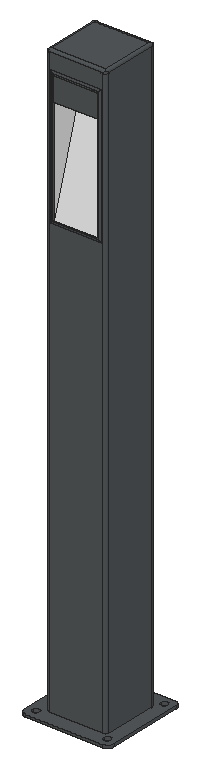
Revit family "svetilnik_alfresco_ar deko_dtu19", category Lighting Fixtures, Revit 2016 (continued)
Definition of nested family "Источник света Ар_Деко"
  Types (5, lengths in mm): name | Photometric Web File | built-in parameter 1150142
             0.2       0.2       0.2\r\n       0.2       0.2       0.2       0.2       0.2       0.2       0.2       0.3\r\n       0.2       0.2       0.2       0.2       0.2       0.2       0.2       0.2\r\n       0.2       0.2       0.2       0.2       0.2       0.2       0.2       0.2\r\n       0.2       0.2       0.2       0.2       0.2       0.2       0.2       0.2\r\n       0.2       0.2       0.2       0.2       0.2       0.2       0.2       0.2\r\n       0.2       0.2       0.2       0.2       0.2       0.2       0.2       0.2\r\n       0.2       0.2       0.2       0.2       0.2       0.2       0.2       0.2\r\n       0.2       0.2       0.2       0.2       0.2       0.2       0.2       0.2\r\n       0.2       0.2       0.2       0.2       0.2       0.2       0.2       0.2\r\n       0.2       0.2       0.2       0.2       0.2       0.2       0.2       0.2\r\n       0.2       0.2       0.2       0.2       0.2       0.2       0.2       0.2\r\n       0.2       0.2       0.2       0.2       0.2       0.2       0.2       0.2\r\n       0.2       0.2       0.2       0.2       0.2       0.2       0.2       0.2\r\n       0.2       0.2       0.2       0.2       0.2       0.2       0.2       0.2\r\n       0.2       0.2       0.2       0.2       0.2       0.2       0.2       0.2\r\n       0.2       0.2       0.2       0.2       0.2       0.2       0.2       0.2\r\n       0.2       0.2       0.2       0.2       0.2       0.2       0.2       0.2\r\n       0.2       0.2       0.2       0.2       0.2       0.2       0.2       0.2\r\n       0.2       0.2       0.1       0.1       0.1       0.1       0.1       0.1\r\n       0.0       0.0       0.0       0.0       0.0\r\n       0.0       0.0       0.0       0.0       0.0       0.0       0.0       0.1\r\n       0.2       0.2       0.2       0.2       0.2       0.2       0.2       0.2\r\n       0.2       0.2       0.2       0.2       0.2       0.2       0.2       0.2\r\n       0.2       0.2       0.2       0.2       0.2       0.2       0.2       0.2\r\n       0.2       0.2       0.2       0.2       0.2       0.2       0.2       0.2\r\n       0.2       0.2       0.2       0.2       0.2       0.2       0.2       0.2\r\n       0.2       0.2       0.2       0.2       0.2       0.2       0.2       0.2\r\n       0.2       0.2       0.2       0.2       0.2       0.2       0.2       0.2\r\n       0.2       0.2       0.2       0.2       0.2       0.2       0.2       0.2\r\n       0.2       0.2       0.2       0.2       0.2       0.2       0.2       0.2\r\n       0.2       0.2       0.2       0.2       0.2       0.2       0.2       0.2\r\n       0.2       0.2       0.2       0.2       0.2       0.2       0.2       0.2\r\n       0.2       0.2       0.2       0.2       0.2       0.2       0.2       0.2\r\n       0.2       0.2       0.2       0.2       0.2       0.2       0.2       0.2\r\n       0.2       0.2       0.2       0.2       0.2       0.2       0.2       0.2\r\n       0.2       0.2       0.2       0.2       0.2       0.2       0.2       0.2\r\n       0.2       0.2       0.2       0.2       0.2       0.2       0.2       0.2\r\n       0.2       0.2       0.2       0.2       0.2       0.2       0.2       0.2\r\n       0.2       0.2       0.2       0.2       0.2       0.2       0.2       0.2\r\n       0.2       0.2       0.2       0.2       0.2       0.2       0.2       0.2\r\n       0.2       0.2       0.2       0.2       0.2       0.2       0.2       0.2\r\n       0.2       0.2       0.1       0.1       0.1       0.1       0.1       0.0\r\n       0.0       0.0       0.0       0.0       0.0\r\n       0.0       0.0       0.0       0.0       0.0       0.0       0.0       0.0\r\n       0.1       0.2       0.2       0.2       0.2       0.2       0.2       0.2\r\n       0.2       0.2       0.2       0.2       0.2       0.2       0.2       0.2\r\n       0.2       0.2       0.2       0.2       0.2       0.2       0.2       0.2\r\n       0.2       0.2       0.2       0.2       0.2       0.2       0.2       0.2\r\n       0.2       0.2       0.2       0.2       0.2       0.2       0.2       0.2\r\n       0.2       0.2       0.2       0.2       0.2       0.2       0.2       0.2\r\n       0.2       0.2       0.2       0.2       0.2       0.2       0.2       0.2\r\n       0.2       0.2       0.2       0.2       0.2       0.2       0.2       0.2\r\n       0.2       0.2       0.2       0.2       0.2       0.2       0.2       0.2\r\n       0.2       0.2       0.2       0.2       0.2       0.2       0.2       0.2\r\n       0.2       0.2       0.2       0.2       0.2       0.2       0.2       0.2\r\n       0.2       0.2       0.2       0.2       0.2       0.2       0.2       0.2\r\n       0.2       0.2       0.2       0.2       0.2       0.2       0.2       0.2\r\n       0.2       0.2       0.2       0.2       0.2       0.2       0.2       0.2\r\n       0.2       0.2       0.2       0.2       0.2       0.2       0.2       0.2\r\n       0.2       0.2       0.2       0.2       0.2       0.2       0.2       0.2\r\n       0.2       0.2       0.2       0.2       0.2       0.2       0.2       0.2\r\n       0.2       0.2       0.2       0.2       0.2       0.2       0.2       0.2\r\n       0.2       0.2       0.2       0.2       0.2       0.2       0.2       0.2\r\n       0.2       0.2       0.2       0.2       0.2       0.2       0.2       0.2\r\n       0.2       0.2       0.1       0.1       0.1       0.1       0.0       0.0\r\n       0.0       0.0       0.0       0.0       0.0\r\n       0.0       0.0       0.0       0.0       0.0       0.0       0.0       0.0\r\n       0.1       0.1       0.1       0.2       0.2       0.2       0.2       0.2\r\n       0.2       0.2       0.2       0.2       0.2       0.2       0.2       0.2\r\n       0.2       0.2       0.2       0.2       0.2       0.2       0.2       0.2\r\n       0.2       0.2       0.2       0.2       0.2       0.2       0.2       0.2\r\n       0.2       0.2       0.2       0.2       0.2       0.2       0.2       0.2\r\n       0.2       0.2       0.2       0.2       0.2       0.2       0.2       0.2\r\n       0.2       0.2       0.2       0.2       0.2       0.2       0.2       0.2\r\n       0.2       0.2       0.2       0.2       0.2       0.2       0.2       0.2\r\n       0.2       0.2       0.2       0.2       0.2       0.2       0.2       0.2\r\n       0.2       0.2       0.2       0.2       0.2       0.2       0.2       0.2\r\n       0.2       0.2       0.2       0.2       0.2       0.2       0.2       0.2\r\n       0.2       0.2       0.2       0.2       0.2       0.2       0.2       0.2\r\n       0.2       0.2       0.2       0.2       0.2       0.2       0.2       0.2\r\n       0.2       0.2       0.2       0.2       0.2       0.2       0.2       0.2\r\n       0.2       0.2       0.2       0.2       0.2       0.2       0.2       0.2\r\n       0.2       0.2       0.2       0.2       0.2       0.2       0.2       0.2\r\n       0.2       0.2       0.2       0.2       0.2       0.2       0.2       0.2\r\n       0.2       0.2       0.2       0.2       0.2       0.2       0.2       0.2\r\n       0.2       0.2       0.2       0.2       0.2       0.2       0.2       0.2\r\n       0.2       0.2       0.2       0.2       0.2       0.2       0.2       0.2\r\n       0.2       0.2       0.1       0.1       0.1       0.0       0.0       0.0\r\n       0.0       0.0       0.0       0.0       0.0\r\n       0.0       0.0       0.0       0.0       0.0       0.0       0.0       0.0\r\n       0.1       0.1       0.1       0.1       0.2       0.2       0.2       0.2\r\n       0.2       0.2       0.2       0.2       0.2       0.2       0.2       0.2\r\n       0.2       0.2       0.2       0.2       0.2       0.2       0.2       0.2\r\n       0.2       0.2       0.2       0.2       0.2       0.2       0.2       0.2\r\n       0.2       0.2       0.2       0.2       0.2       0.2       0.2       0.2\r\n       0.2       0.2       0.2       0.2       0.2       0.2       0.2       0.2\r\n       0.2       0.2       0.2       0.2       0.2       0.2       0.2       0.2\r\n       0.2       0.2       0.2       0.2       0.2       0.2       0.2       0.2\r\n       0.2       0.2       0.2       0.2       0.2       0.2       0.2       0.2\r\n       0.2       0.2       0.2       0.2       0.2       0.2       0.2       0.2\r\n       0.2       0.2       0.2       0.2       0.2       0.2       0.2       0.2\r\n       0.2       0.2       0.2       0.2       0.2       0.2       0.2       0.2\r\n       0.2       0.2       0.2       0.2       0.2       0.2       0.2       0.2\r\n       0.2       0.2       0.2       0.2       0.2       0.2       0.2       0.2\r\n       0.2       0.2       0.2       0.2       0.2       0.2       0.2       0.2\r\n       0.2       0.2       0.2       0.2       0.2       0.2       0.2       0.2\r\n       0.2       0.2       0.2       0.2       0.2       0.2       0.2       0.2\r\n       0.2       0.2       0.2       0.2       0.2       0.2       0.2       0.2\r\n       0.2       0.2       0.2       0.2       0.2       0.2       0.2       0.2\r\n       0.2       0.2       0.2       0.2       0.2       0.2       0.2       0.2\r\n       0.2       0.2       0.1       0.1       0.1       0.0       0.0       0.0\r\n       0.0       0.0       0.0       0.0       0.0\r\n       0.0       0.0       0.0       0.0       0.0       0.0       0.0       0.0\r\n       0.1       0.1       0.1       0.1       0.1       0.2       0.2       0.2\r\n       0.2       0.2       0.2       0.2       0.2       0.2       0.2       0.2\r\n       0.2       0.2       0.2       0.2       0.2       0.2       0.2       0.2\r\n       0.2       0.2       0.2       0.2       0.2       0.2       0.2       0.2\r\n       0.2       0.2       0.2       0.2       0.2       0.2       0.2       0.2\r\n       0.2       0.2       0.2       0.2       0.2       0.2       0.2       0.2\r\n       0.2       0.2       0.2       0.2       0.2       0.2       0.2       0.2\r\n       0.2       0.2       0.2       0.2       0.2       0.2       0.2       0.2\r\n       0.2       0.2       0.2       0.2       0.2       0.2       0.2       0.2\r\n       0.2       0.2       0.2       0.2       0.2       0.2       0.2       0.2\r\n       0.2       0.2       0.2       0.2       0.2       0.2       0.2       0.2\r\n       0.2       0.2       0.2       0.2       0.2       0.2       0.2       0.2\r\n       0.2       0.2       0.2       0.2       0.2       0.2       0.2       0.2\r\n       0.2       0.2       0.2       0.2       0.2       0.2       0.2       0.2\r\n       0.2       0.2       0.2       0.2       0.3       0.5       0.2       0.2\r\n       0.2       0.2       0.2       0.2       0.2       0.2       0.2       0.2\r\n       0.2       0.2       0.2       0.2       0.2       0.2       0.2       0.2\r\n       0.2       0.2       0.2       0.2       0.2       0.2       0.2       0.2\r\n       0.2       0.2       0.2       0.2       0.2       0.2       0.2       0.2\r\n       0.2       0.2       0.2       0.2       0.2       0.2       0.2       0.2\r\n       0.2       0.2       0.1       0.1       0.1       0.0       0.0       0.0\r\n       0.0       0.0       0.0       0.0       0.0\r\n       0.0       0.0       0.0       0.0       0.0       0.0       0.0       0.0\r\n       0.1       0.1       0.1       0.1       0.1       0.1       0.2       0.2\r\n       0.1       0.2       0.2       0.1       0.1       0.1       0.2       0.2\r\n       0.2       0.2       0.2       0.2       0.2       0.2       0.2       0.2\r\n       0.2       0.2       0.2       0.2       0.2       0.2       0.2       0.2\r\n       0.2       0.2       0.2       0.2       0.2       0.2       0.2       0.2\r\n       0.2       0.2       0.2       0.2       0.2       0.2       0.2       0.2\r\n       0.2       0.2       0.2       0.2       0.2       0.2       0.2       0.2\r\n       0.2       0.2       0.2       0.2       0.2       0.2       0.2       0.2\r\n       0.2       0.2       0.2       0.2       0.2       0.2       0.2       0.2\r\n       0.2       0.2       0.2       0.2       0.2       0.2       0.2       0.2\r\n       0.2       0.2       0.2       0.2       0.2       0.2       0.2       0.2\r\n       0.2       0.2       0.2       0.2       0.2       0.2       0.2       0.2\r\n       0.2       0.2       0.2       0.2       0.2       0.2       0.2       0.2\r\n       0.2       0.2       0.2       0.2       0.2       0.2       0.2       0.2\r\n       0.2       0.2       0.2       0.2       0.3       0.2       0.2       0.2\r\n       0.2       0.2       0.2       0.2       0.2       0.2       0.2       0.2\r\n       0.2       0.2       0.2       0.2       0.2       0.2       0.2       0.2\r\n       0.2       0.2       0.2       0.2       0.2       0.2       0.2       0.2\r\n       0.2       0.2       0.2       0.2       0.2       0.2       0.2       0.2\r\n       0.2       0.2       0.2       0.2       0.2       0.2       0.2       0.2\r\n       0.2       0.1       0.1       0.1       0.0       0.0       0.0       0.0\r\n       0.0       0.0       0.0       0.0       0.0\r\n       0.0       0.0       0.0       0.0       0.0       0.0       0.0       0.0\r\n       0.1       0.1       0.1       0.1       0.1       0.1       0.1       0.1\r\n       0.1       0.1       0.1       0.2       0.1       0.1       0.2       0.1\r\n       0.2       0.2       0.2       0.2       0.2       0.2       0.2       0.2\r\n       0.2       0.2       0.2       0.2       0.2       0.2       0.2       0.2\r\n       0.2       0.2       0.2       0.2       0.2       0.2       0.2       0.2\r\n       0.2       0.2       0.2       0.2       0.2       0.2       0.2       0.2\r\n       0.2       0.2       0.2       0.2       0.2       0.2       0.2       0.2\r\n       0.2       0.2       0.2       0.2       0.2       0.2       0.2       0.2\r\n       0.2       0.2       0.2       0.2       0.2       0.2       0.2       0.2\r\n       0.2       0.2       0.2       0.2       0.2       0.2       0.2       0.2\r\n       0.2       0.2       0.2       0.2       0.2       0.2       0.2       0.2\r\n       0.2       0.2       0.2       0.2       0.2       0.2       0.2       0.2\r\n       0.2       0.2       0.2       0.2       0.2       0.2       0.2       0.2\r\n       0.2       0.2       0.2       0.2       0.2       0.2       0.2       0.2\r\n       0.2       0.2       0.2       0.2       0.2       0.2       0.2       0.2\r\n       0.2       0.2       0.2       0.2       0.2       0.2       0.2       0.2\r\n       0.2       0.2       0.2       0.2       0.2       0.2       0.2       0.2\r\n       0.2       0.2       0.2       0.2       0.2       0.2       0.2       0.2\r\n       0.2       0.2       0.2       0.2       0.2       0.2       0.2       0.2\r\n       0.2       0.2       0.2       0.2       0.2       0.2       0.1       0.1\r\n       0.1       0.1       0.1       0.1       0.0       0.0       0.0       0.0\r\n       0.0       0.0       0.0       0.0       0.0\r\n       0.0       0.0       0.0       0.0       0.0       0.0       0.0       0.0\r\n       0.1       0.1       0.1       0.1       0.1       0.1       0.1       0.1\r\n       0.1       0.1       0.1       0.1       0.1       0.1       0.2       0.2\r\n       0.1       0.2       0.2       0.2       0.2       0.2       0.2       0.2\r\n       0.2       0.2       0.2       0.2       0.2       0.2       0.2       0.2\r\n       0.2       0.2       0.2       0.2       0.2       0.2       0.2       0.2\r\n       0.2       0.2       0.2       0.2       0.2       0.2       0.2       0.2\r\n       0.2       0.2       0.2       0.2       0.2       0.2       0.2       0.2\r\n       0.2       0.2       0.2       0.2       0.2       0.2       0.2       0.2\r\n       0.2       0.2       0.2       0.2       0.2       0.2       0.2       0.2\r\n       0.2       0.2       0.2       0.2       0.2       0.2       0.2       0.2\r\n       0.2       0.2       0.2       0.2       0.2       0.2       0.2       0.2\r\n       0.2       0.2       0.2       0.2       0.2       0.2       0.2       0.2\r\n       0.2       0.2       0.2       0.2       0.2       0.2       0.2       0.2\r\n       0.2       0.2       0.2       0.2       0.2       0.2       0.2       0.2\r\n       0.2       0.2       0.2       0.2       0.2       0.2       0.2       0.2\r\n       0.2       0.2       0.2       0.2       0.2    
         0.2       0.2       0.2\r\n       0.2       0.2       0.2       0.2       0.2       0.2       0.2       0.2\r\n       0.2       0.2       0.2       0.2       0.2       0.2       0.2       0.2\r\n       0.2       0.2       0.2       0.2       0.2       0.2       0.2       0.2\r\n       0.2       0.2       0.2       0.1       0.1       0.1       0.1       0.1\r\n       0.1       0.1       0.1       0.1       0.0       0.0       0.0       0.0\r\n       0.0       0.0       0.0       0.0       0.0\r\n       0.0       0.0       0.0       0.0       0.0       0.0       0.0       0.0\r\n       0.1       0.1       0.1       0.1       0.1       0.1       0.1       0.1\r\n       0.1       0.1       0.1       0.1       0.1       0.1       0.1       0.1\r\n       0.1       0.2       0.2       0.2       0.2       0.2       0.2       0.2\r\n       0.1       0.2       0.2       0.2       0.2       0.1       0.2       0.1\r\n       0.2       0.2       0.2       0.2       0.2       0.2       0.2       0.2\r\n       0.2       0.2       0.2       0.2       0.2       0.2       0.2       0.2\r\n       0.2       0.2       0.2       0.2       0.2       0.2       0.2       0.2\r\n       0.2       0.2       0.2       0.2       0.2       0.2       0.2       0.2\r\n       0.2       0.2       0.2       0.2       0.2       0.2       0.2       0.2\r\n       0.2       0.2       0.2       0.2       0.2       0.2       0.2       0.2\r\n       0.2       0.2       0.2       0.2       0.2       0.2       0.2       0.2\r\n       0.2       0.2       0.2       0.2       0.2       0.2       0.2       0.2\r\n       0.2       0.2       0.2       0.2       0.2       0.2       0.2       0.2\r\n       0.2       0.2       0.2       0.2       0.2       0.2       0.2       0.2\r\n       0.2       0.2       0.2       0.2       0.2       0.2       0.2       0.2\r\n       0.2       0.2       0.2       0.2       0.2       0.2       0.2       0.1\r\n       0.2       0.2       0.2       0.1       0.2       0.2       0.2       0.2\r\n       0.2       0.2       0.2       0.2       0.2       0.2       0.2       0.2\r\n       0.2       0.2       0.2       0.2       0.2       0.2       0.2       0.1\r\n       0.1       0.1       0.1       0.1       0.1       0.1       0.1       0.1\r\n       0.1       0.1       0.1       0.0       0.0       0.0       0.0       0.0\r\n       0.0       0.0       0.0       0.0       0.0\r\n       0.0       0.0       0.0       0.0       0.0       0.0       0.0       0.0\r\n       0.1       0.1       0.1       0.1       0.1       0.1       0.1       0.1\r\n       0.1       0.1       0.1       0.1       0.1       0.1       0.1       0.1\r\n       0.1       0.1       0.1       0.1       0.1       0.1       0.1       0.1\r\n       0.1       0.1       0.2       0.1       0.2       0.2       0.2       0.1\r\n       0.2       0.2       0.2       0.2       0.2       0.2       0.2       0.2\r\n       0.2       0.2       0.2       0.2       0.2       0.2       0.2       0.2\r\n       0.2       0.2       0.2       0.2       0.2       0.2       0.2       0.2\r\n       0.2       0.2       0.2       0.2       0.2       0.2       0.2       0.2\r\n       0.2       0.2       0.2       0.2       0.2       0.2       0.2       0.2\r\n       0.2       0.2       0.2       0.2       0.2       0.2       0.2       0.2\r\n       0.2       0.2       0.2       0.2       0.2       0.2       0.2       0.2\r\n       0.2       0.2       0.2       0.2       0.2       0.2       0.2       0.2\r\n       0.2       0.2       0.2       0.2       0.2       0.2       0.2       0.2\r\n       0.2       0.2       0.2       0.2       0.2       0.2       0.2       0.2\r\n       0.2       0.2       0.2       0.2       0.2       0.2       0.2       0.2\r\n       0.2       0.2       0.2       0.2       0.2       0.2       0.2       0.2\r\n       0.2       0.2       0.2       0.2       0.2       0.2       0.2       0.2\r\n       0.2       0.2       0.2       0.1       0.1       0.1       0.1       0.1\r\n       0.1       0.1       0.1       0.1       0.1       0.1       0.1       0.1\r\n       0.1       0.1       0.1       0.1       0.1       0.1       0.1       0.1\r\n       0.1       0.1       0.0       0.0       0.0       0.0       0.0       0.0\r\n       0.0       0.0       0.0       0.0       0.0\r\n       0.0       0.0       0.0       0.0       0.0       0.0       0.0       0.0\r\n       0.1       0.1       0.1       0.1       0.1       0.1       0.1       0.1\r\n       0.1       0.1       0.1       0.1       0.1       0.1       0.1       0.1\r\n       0.1       0.1       0.1       0.1       0.1       0.1       0.1       0.1\r\n       0.1       0.1       0.1       0.1       0.1       0.1       0.1       0.1\r\n       0.1       0.1       0.1       0.1       0.1       0.1       0.1       0.1\r\n       0.1       0.1       0.1       0.1       0.1       0.1       0.1       0.1\r\n       0.1       0.1       0.1       0.2       0.1       0.1       0.1       0.2\r\n       0.2       0.2       0.2       0.2       0.2       0.2       0.2       0.2\r\n       0.2       0.2       0.1       0.2       0.2       0.1       0.2       0.2\r\n       0.1       0.2       0.2       0.2       0.2       0.2       0.2       0.2\r\n       0.2       0.2       0.2       0.2       0.2       0.2       0.2       0.2\r\n       0.2       0.2       0.2       0.2       0.2       0.2       0.2       0.2\r\n       0.1       0.2       0.2       0.2       0.2       0.2       0.2       0.1\r\n       0.2       0.2       0.2       0.1       0.2       0.2       0.1       0.1\r\n       0.1       0.1       0.2       0.1       0.1       0.2       0.2       0.1\r\n       0.1       0.1       0.1       0.1       0.1       0.1       0.1       0.1\r\n       0.1       0.1       0.1       0.1       0.1       0.1       0.1       0.1\r\n       0.1       0.1       0.1       0.1       0.1       0.1       0.1       0.1\r\n       0.1       0.1       0.1       0.1       0.1       0.1       0.1       0.1\r\n       0.1       0.1       0.1       0.1       0.1       0.1       0.1       0.1\r\n       0.1       0.1       0.0       0.0       0.0       0.0       0.0       0.0\r\n       0.0       0.0       0.0       0.0       0.0\r\n       0.0       0.0       0.0       0.0       0.0       0.0       0.0       0.0\r\n       0.1       0.1       0.1       0.1       0.1       0.1       0.1       0.1\r\n       0.1       0.1       0.1       0.1       0.1       0.1       0.1       0.1\r\n       0.1       0.1       0.1       0.1       0.1       0.1       0.1       0.1\r\n       0.1       0.1       0.1       0.1       0.1       0.1       0.1       0.1\r\n       0.1       0.1       0.1       0.1       0.1       0.1       0.1       0.1\r\n       0.1       0.1       0.1       0.1       0.1       0.1       0.1       0.1\r\n       0.1       0.1       0.1       0.1       0.1       0.1       0.1       0.1\r\n       0.1       0.1       0.1       0.1       0.1       0.1       0.1       0.1\r\n       0.1       0.1       0.1       0.1       0.1       0.1       0.1       0.1\r\n       0.1       0.1       0.1       0.1       0.1       0.1       0.1       0.1\r\n       0.1       0.1       0.1       0.1       0.1       0.1       0.1       0.1\r\n       0.1       0.1       0.1       0.1       0.1       0.1       0.1       0.1\r\n       0.1       0.1       0.1       0.1       0.1       0.1       0.1       0.1\r\n       0.1       0.1       0.1       0.1       0.1       0.1       0.1       0.1\r\n       0.1       0.1       0.1       0.1       0.1       0.1       0.1       0.1\r\n       0.1       0.1       0.1       0.1       0.1       0.1       0.1       0.1\r\n       0.1       0.1       0.1       0.1       0.1       0.1       0.1       0.1\r\n       0.1       0.1       0.1       0.1       0.1       0.1       0.1       0.1\r\n       0.1       0.1       0.1       0.1       0.1       0.1       0.1       0.1\r\n       0.1       0.1       0.1       0.1       0.1       0.1       0.1       0.1\r\n       0.1       0.1       0.0       0.0       0.0       0.0       0.0       0.0\r\n       0.0       0.0       0.0       0.0       0.0\r\n       0.0       0.0       0.0       0.0       0.0       0.0       0.0       0.0\r\n       0.1       0.1       0.1       0.1       0.1       0.1       0.1       0.1\r\n       0.1       0.1       0.1       0.1       0.1       0.1       0.1       0.1\r\n       0.1       0.1       0.1       0.1       0.1       0.1       0.1       0.1\r\n       0.1       0.1       0.1       0.1       0.1       0.1       0.1       0.1\r\n       0.1       0.1       0.1       0.1       0.1       0.1       0.1       0.1\r\n       0.1       0.1       0.1       0.1       0.1       0.1       0.1       0.1\r\n       0.1       0.1       0.1       0.1       0.1       0.1       0.1       0.1\r\n       0.1       0.1       0.1       0.1       0.1       0.1       0.1       0.1\r\n       0.1       0.1       0.1       0.1       0.1       0.1       0.1       0.1\r\n       0.1       0.1       0.1       0.1       0.1       0.1       0.1       0.1\r\n       0.1       0.1       0.1       0.1       0.1       0.1       0.1       0.1\r\n       0.1       0.1       0.1       0.1       0.1       0.1       0.1       0.1\r\n       0.1       0.1       0.1       0.1       0.1       0.1       0.1       0.1\r\n       0.1       0.1       0.1       0.1       0.1       0.1       0.1       0.1\r\n       0.1       0.1       0.1       0.1       0.1       0.1       0.1       0.1\r\n       0.1       0.1       0.1       0.1       0.1       0.1       0.1       0.1\r\n       0.1       0.1       0.1       0.1       0.1       0.1       0.1       0.1\r\n       0.1       0.1       0.1       0.1       0.1       0.1       0.1       0.1\r\n       0.1       0.1       0.1       0.1       0.1       0.1       0.1       0.1\r\n       0.1       0.1       0.1       0.1       0.1       0.1       0.1       0.1\r\n       0.1       0.1       0.0       0.0       0.0       0.0       0.0       0.0\r\n       0.0       0.0       0.0       0.0       0.0\r\n       0.0       0.0       0.0       0.0       0.0       0.0       0.0       0.0\r\n       0.1       0.1       0.1       0.1       0.1       0.1       0.1       0.1\r\n       0.1       0.1       0.1       0.1       0.1       0.1       0.1       0.1\r\n       0.1       0.1       0.1       0.1       0.1       0.1       0.1       0.1\r\n       0.1       0.1       0.1       0.1       0.1       0.1       0.1       0.1\r\n       0.1       0.1       0.1       0.1       0.1       0.1       0.1       0.1\r\n       0.1       0.1       0.1       0.1       0.1       0.1       0.2       0.2\r\n       0.2       0.1       0.1       0.2       0.2       0.2       0.1       0.2\r\n       0.1       0.2       0.2       0.2       0.2       0.2       0.2       0.2\r\n       0.2       0.2       0.2       0.2       0.2       0.2       0.2       0.2\r\n       0.2       0.2       0.2       0.2       0.2       0.2       0.2       0.2\r\n       0.2       0.2       0.2       0.2       0.2       0.2       0.2       0.2\r\n       0.2       0.2       0.2       0.2       0.2       0.2       0.2       0.2\r\n       0.2       0.2       0.2       0.2       0.2       0.2       0.2       0.2\r\n       0.2       0.2       0.2       0.2       0.2       0.2       0.1       0.1\r\n       0.1       0.2       0.1       0.1       0.1       0.1       0.1       0.1\r\n       0.1       0.1       0.1       0.1       0.1       0.1       0.1       0.1\r\n       0.1       0.1       0.1       0.1       0.1       0.1       0.1       0.1\r\n       0.1       0.1       0.1       0.1       0.1       0.1       0.1       0.1\r\n       0.1       0.1       0.1       0.1       0.1       0.1       0.1       0.1\r\n       0.1       0.1       0.1       0.1       0.1       0.1       0.1       0.1\r\n       0.1       0.1       0.0       0.0       0.0       0.0       0.0       0.0\r\n       0.0       0.0       0.0       0.0       0.0\r\n       0.0       0.0       0.0       0.0       0.0       0.0       0.0       0.0\r\n       0.1       0.1       0.1       0.1       0.1       0.1       0.1       0.1\r\n       0.1       0.1       0.1       0.1       0.1       0.1       0.1       0.1\r\n       0.1       0.1       0.1       0.1       0.1       0.1       0.2       0.2\r\n       0.2       0.2       0.2       0.2       0.2       0.2       0.2       0.2\r\n       0.2       0.2       0.2       0.2       0.2       0.2       0.2       0.2\r\n       0.2       0.2       0.2       0.2       0.2       0.2       0.2       0.2\r\n       0.2       0.2       0.2       0.2       0.2       0.2       0.2       0.2\r\n       0.2       0.2       0.2       0.2       0.2       0.2       0.2       0.2\r\n       0.2       0.2       0.2       0.2       0.2       0.2       0.2       0.2\r\n       0.2       0.2       0.2       0.2       0.2       0.2       0.2       0.2\r\n       0.2       0.2       0.2       0.2       0.2       0.2       0.2       0.2\r\n       0.2       0.2       0.2       0.2       0.2       0.2       0.2       0.2\r\n       0.2       0.2       0.2       0.2       0.2       0.2       0.2       0.2\r\n       0.2       0.2       0.2       0.2       0.2       0.2       0.2       0.2\r\n       0.2       0.2       0.2       0.2       0.2       0.2       0.2       0.2\r\n       0.2       0.2       0.2       0.2       0.2       0.2       0.2       0.2\r\n       0.2       0.2       0.2       0.2       0.2       0.2       0.2       0.2\r\n       0.2       0.2       0.2       0.2       0.2       0.1       0.1       0.1\r\n       0.1       0.1       0.1       0.1       0.1       0.1       0.1       0.1\r\n       0.1       0.1       0.1       0.1       0.1       0.1       0.1       0.1\r\n       0.1       0.1       0.0       0.0       0.0       0.0       0.0       0.0\r\n       0.0       0.0       0.0       0.0       0.0\r\n       0.0       0.0       0.0       0.0       0.0       0.0       0.0       0.0\r\n       0.1       0.1       0.1       0.1       0.1       0.1       0.1       0.1\r\n       0.1       0.1       0.1       0.1       0.1       0.1       0.2       0.2\r\n       0.2       0.2       0.2       0.2       0.2       0.2       0.2       0.2\r\n       0.2       0.2       0.2       0.2       0.2       0.2       0.2       0.2\r\n       0.2       0.2       0.2       0.2       0.2       0.2       0.2       0.2\r\n       0.2       0.2       0.2       0.2       0.2       0.2       0.2       0.2\r\n       0.2       0.2       0.2       0.2       0.2       0.2       0.2       0.2\r\n       0.2       0.2       0.2       0.2       0.2       0.2       0.2       0.2\r\n       0.2       0.2       0.2       0.2       0.2       0.2       0.2       0.2\r\n       0.2       0.2       0.2       0.2       0.2       0.2       0.2       0.2\r\n       0.2       0.2       0.2       0.2       0.2       0.2       0.2       0.2\r\n       0.2       0.2       0.2       0.2       0.2       0.2       0.2       0.2\r\n       0.2       0.2       0.2       0.2       0.2       0.2       0.2       0.2\r\n       0.2       0.2       0.2       0.2       0.2       0.2       0.2       0.2\r\n       0.2       0.2       0.2       0.2       0.2       0.2       0.2       0.2\r\n       0.2       0.2       0.2       0.2       0.2       0.2       0.2       0.2\r\n       0.2       0.2       0.2       0.2       0.2       0.2       0.2       0.2\r\n       0.2       0.2       0.2       0.2       0.2       0.2       0.2       0.2\r\n       0.2       0.2       0.1       0.2       0.2       0.1       0.1       0.1\r\n       0.1       0.1       0.1       0.1       0.1       0.1       0.1       0.1\r\n       0.1       0.1       0.1       0.0       0.0       0.0       0.0       0.0\r\n       0.0       0.0       0.0       0.0       0.0\r\n       0.0       0.0       0.0       0.0       0.0       0.0       0.0       0.0\r\n       0.1       0.1       0.1       0.1       0.1       0.1       0.1       0.1\r\n       0.1       0.2       0.2       0.2       0.2       0.2       0.2       0.2\r\n       0.2       0.2       0.2       0.2       0.2       0.2       0.2       0.2\r\n       0.2       0.2       0.2       0.2       0.2       0.2       0.2       0.2\r\n       0.2       0.2       0.2       0.2       0.2       0.2       0.2       0.2\r\n       0.2       0.2       0.2       0.2       0.2       0.2       0.2       0.2\r\n       0.2       0.2       0.2       0.2       0.2       0.2       0.2       0.2\r\n      
